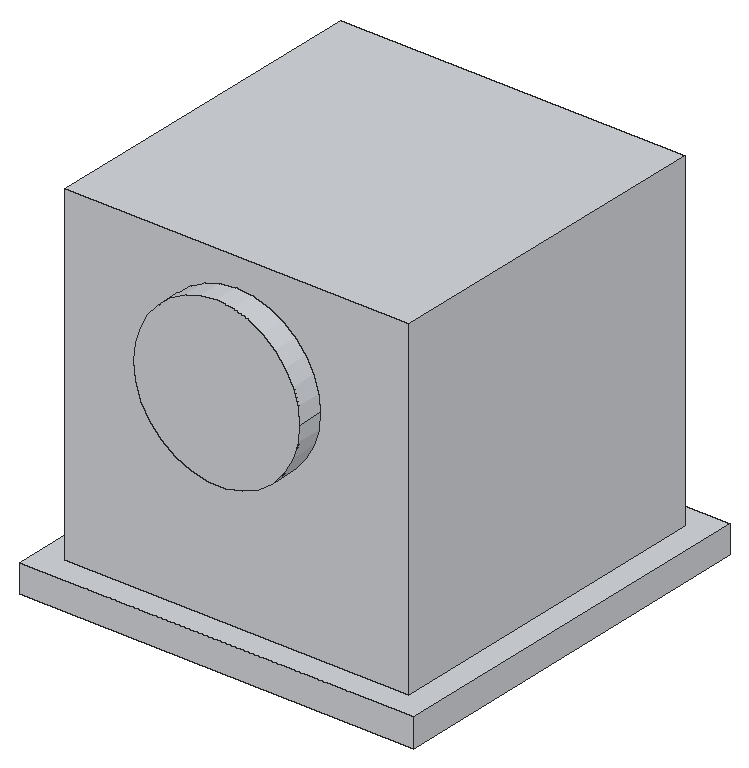
Revit family "M_Exaustor com armário - Conexão redonda - Montada no forro", category Equipamento mecânico, Revit 2019
Family settings
  Cota do conector redondo = Usar raio
  Tipo de parte = Normal
  Número OmniClass = 23.75.35.17.17.11
  Título OmniClass = Ceiling Fans
  ID de item do Seek = Exhauster with Cabinet - Round Connection - Ceiling Mounted-0000-CAN-ENU
  Com base no plano de trabalho = Não
  Sempre na vertical = Sim
  Corte com vazios quando carregada = Não
  Compartilhado = Não
  Ponto de cálculo do ambiente = Não
Parameters (values of type "47-84 LPS")
  Voltagem = 120 V
  Raio do motor do símbolo = Largura do ventilador * 0.35  # 108.85 mm
  Comprimento do símbolo 1 = 0.3 * Raio do motor do símbolo  # 32.655 mm
  Classificação de carga = Refrigeração
  Pressão estática externa [instance] = 0.0 Pa
  Raio do motor de símbolo pequeno = Raio do motor do símbolo - 75 mm  # 33.85 mm
  1/8 da largura do difusor = 0.125 * Largura do difusor  # 44.5 mm
  1/8 do comprimento do difusor = 0.125 * Comprimento do difusor  # 44.5 mm
  Número de pólos = 1
  Largura do ventilador = 311 mm
  Material do ventilador = none
  Comprimento do ventilador = 311 mm
  Altura do ventilador = 300 mm
  Raio do duto = 75 mm
  Diâmetro do duto = Raio do duto * 2  # 150 mm
  Largura do difusor = 356 mm
  Material do difusor = none
  Comprimento do difusor = 356 mm
  Carga aparente [instance] = 100 VA
  Fluxo de ar [instance] = 84.0 L/s
Types (3, lengths in mm): name | Raio do duto | Diâmetro do duto | Carga aparente | Fluxo de ar
  (no name) | 75 | 150 | 100 VA | 84.0 L/s
  47-84 LPS | 75 | 150 | 100 VA | 84.0 L/s
  94-150 LPS | 100 | 200 | 212 VA | 150.0 L/s
Reference planes
  plane 1 "Centro (Frente/Trás)": y = 0
  plane 2: z = 0
  plane 3 "Centro (Esquerda/Direita)": x = 0
  plane 4: z = 300
  plane 5: z = -25.4
  plane 6: z = 274.6
  plane 7: z = 199.6
  plane 8: y = 155.5
  plane 9: y = -155.5
  plane 10: x = 155.5
  plane 11: x = -155.5
  plane 12: x = 178
  plane 13: x = -178
  plane 14: y = 178
  plane 15: y = -178
  plane 16: y = 133.5
  plane 17: y = 89
  plane 18: y = 44.5
  plane 19: y = -133.5
  plane 20: y = -89
  plane 21: y = -44.5
  plane 22: x = 133.5
  plane 23: x = 89
  plane 24: x = 44.5
  plane 25: x = -133.5
  plane 26: x = -89
  plane 27: x = -44.5
  plane 28: y = 108.85
  plane 29: x = 108.85
  plane 30: x = 141.505
Forms (mm)
  Extrusion 1, solid, material <- "Material do difusor"
    sketch origin (0, 0, 0) x (1, 0, 0) y (0, 1, 0)
      loop
        line (-178, 178) -> (-178, -178) -> (178, -178) -> (178, 178) -> (-178, 178)
    from -25.4 to 0
  Extrusion 2, solid, material <- "Material do ventilador"
    sketch origin (0, 0, 0) x (1, 0, 0) y (0, 0, 1)
      loop
        circle (0, 199.6) r 75
    from 155.5 to 178
  Extrusion 3, solid, material <- "Material do ventilador"
    sketch origin (0, 0, 0) x (1, 0, 0) y (0, 1, 0)
      loop
        line (-155.5, 155.5) -> (-155.5, -155.5) -> (155.5, -155.5) -> (155.5, 155.5) -> (-155.5, 155.5)
    from 0 to 300
Lines and regions (mm)
  symbolic lines
    curve 1: line (178, 178, 0) -> (-178, 178, 0)
    curve 2: line (-178, 178, 0) -> (-178, -178, 0)
    curve 3: line (-178, -178, 0) -> (178, -178, 0)
    curve 4: line (178, -178, 0) -> (178, 178, 0)
  symbolic lines, detail levels coarse+medium
    curve 5: line (-133.5, 133.5, 0) -> (133.5, 133.5, 0)
    curve 6: line (-133.5, -133.5, 0) -> (-133.5, 133.5, 0)
    curve 7: line (133.5, -133.5, 0) -> (-133.5, -133.5, 0)
    curve 8: line (133.5, 133.5, 0) -> (133.5, -133.5, 0)
    curve 9: line (-89, 89, 0) -> (89, 89, 0)
    curve 10: line (-89, -89, 0) -> (-89, 89, 0)
    curve 11: line (89, -89, 0) -> (-89, -89, 0)
    curve 12: line (89, 89, 0) -> (89, -89, 0)
    curve 13: line (-44.5, 44.5, 0) -> (44.5, 44.5, 0)
    curve 14: line (-44.5, -44.5, 0) -> (-44.5, 44.5, 0)
    curve 15: line (44.5, -44.5, 0) -> (-44.5, -44.5, 0)
    curve 16: line (44.5, 44.5, 0) -> (44.5, -44.5, 0)
  symbolic lines, detail levels fine
    curve 17: line (-155.5, 155.5, 0) -> (155.5, 155.5, 0)
    curve 18: line (-155.5, -155.5, 0) -> (-155.5, 155.5, 0)
    curve 19: line (155.5, -155.5, 0) -> (-155.5, -155.5, 0)
    curve 20: line (155.5, 155.5, 0) -> (155.5, -155.5, 0)
    curve 21: line (-75, -155.5, 0) -> (75, -155.5, 0)
    curve 22: line (-75, -178, 0) -> (-75, -155.5, 0)
    curve 23: line (75, -155.5, 0) -> (75, -178, 0)
Dimensions and locks
  locked: plane 5 to plane 2 at 25.4
  "Altura do ventilador": plane 4 to plane 2
  locked: plane 4 to plane 6 at 25.4
  "Raio do duto": plane 6 to plane 7
  equal spacing: plane 9, plane 1 "Centro (Frente/Trás)", plane 8
  "Largura do ventilador": plane 9 to plane 8
  equal spacing: plane 11, plane 3 "Centro (Esquerda/Direita)", plane 10
  "Comprimento do ventilador": plane 11 to plane 10
  equal spacing: plane 13, plane 3 "Centro (Esquerda/Direita)", plane 12
  "Comprimento do difusor": plane 13 to plane 12
  equal spacing: plane 15, plane 1 "Centro (Frente/Trás)", plane 14
  "Largura do difusor": plane 15 to plane 14
  "1/8 da largura do difusor": plane 16 to plane 14
  "1/8 da largura do difusor": plane 17 to plane 16
  "1/8 da largura do difusor": plane 18 to plane 17
  "1/8 da largura do difusor": plane 1 "Centro (Frente/Trás)" to plane 18
  "1/8 da largura do difusor": plane 19 to plane 15
  "1/8 da largura do difusor": plane 20 to plane 19
  "1/8 da largura do difusor": plane 21 to plane 20
  "1/8 da largura do difusor": plane 1 "Centro (Frente/Trás)" to plane 21
  "1/8 do comprimento do difusor": plane 13 to plane 25
  "1/8 do comprimento do difusor": plane 25 to plane 26
  "1/8 do comprimento do difusor": plane 26 to plane 27
  "1/8 do comprimento do difusor": plane 27 to plane 3 "Centro (Esquerda/Direita)"
  "1/8 do comprimento do difusor": plane 22 to plane 12
  "1/8 do comprimento do difusor": plane 23 to plane 22
  "1/8 do comprimento do difusor": plane 24 to plane 23
  "1/8 do comprimento do difusor": plane 3 "Centro (Esquerda/Direita)" to plane 24
  "Raio do motor do símbolo": plane 1 "Centro (Frente/Trás)" to plane 28
  "Raio do motor do símbolo": plane 3 "Centro (Esquerda/Direita)" to plane 29
  "Comprimento do símbolo 1": plane 29 to plane 30
  locked: plane 9 to connector elem at 50.8
  locked: Extrusion 1 to connector elem at 50.8
  equal spacing: curve 22, plane 3 "Centro (Esquerda/Direita)", curve 23
  "Diâmetro do duto": curve 22 to curve 23
  "Raio do duto": radius of Extrusion 2 sketch curve
  aligned and locked: plane 13 to Extrusion 1 sketch curve
  aligned and locked: plane 14 to Extrusion 1 sketch curve
  aligned and locked: plane 15 to Extrusion 1 sketch curve
  aligned and locked: Extrusion 1 sketch curve to plane 12
  aligned and locked: plane 3 "Centro (Esquerda/Direita)" to Extrusion 2 sketch curve
  aligned and locked: plane 7 to Extrusion 2 sketch curve
  aligned and locked: Extrusion 1 to plane 5
  aligned and locked: plane 2 to Extrusion 1
  aligned and locked: Extrusion 2 to plane 15
  aligned and locked: plane 9 to Extrusion 2
  aligned and locked: plane 11 to Extrusion 3 sketch curve
  aligned and locked: plane 8 to Extrusion 3 sketch curve
  aligned and locked: plane 9 to Extrusion 3 sketch curve
  aligned and locked: Extrusion 3 sketch curve to plane 10
  aligned and locked: plane 4 to Extrusion 3
  aligned and locked: Extrusion 3 to plane 2
  aligned and locked: curve 1 to Extrusion 1
  aligned and locked: curve 2 to Extrusion 1
  aligned and locked: curve 3 to Extrusion 1
  aligned and locked: curve 4 to Extrusion 1
  aligned and locked: plane 25 to curve 5
  aligned and locked: plane 16 to curve 5
  aligned and locked: plane 19 to curve 8
  aligned and locked: curve 8 to plane 22
  aligned and locked: plane 26 to curve 9
  aligned and locked: plane 17 to curve 9
  aligned and locked: plane 20 to curve 12
  aligned and locked: curve 12 to plane 23
  aligned and locked: plane 27 to curve 13
  aligned and locked: plane 18 to curve 13
  aligned and locked: plane 21 to curve 16
  aligned and locked: curve 16 to plane 24
  aligned and locked: curve 17 to Extrusion 3  (x2)
  aligned and locked: Extrusion 3 to curve 20
  aligned and locked: curve 20 to Extrusion 3
  aligned and locked: curve 21 to Extrusion 2
Automatic sketch dimensions
  Extrusion 3 sketch curve to plane 10 = 0 mm
Connectors
  hvac at (0, -178, 199.6), driven by "Raio do duto", driven by "Fluxo de ar", driven by "Pressão estática externa"
    settings: on Extrusion 2, index 1, duct flow 84.0 L/s, flow factor 0, pres drop 0.0 Pa, loss coef 0, conn angle 0.00°, conn width 304.8 mm, conn height 304.8 mm, conn diameter 150 mm, duct sys type 3, conn prof type 0, flow config 0, flow direction 2, loss method 0, conn ref index -1, conn util no, is conn primary yes, conn desc ""
  electrical at (-155.5, -104.7, 50.8), driven by "Carga aparente", driven by "Voltagem", driven by "Número de pólos", driven by "Classificação de carga"
    settings: on plane 11, index 2, voltage 120 V, apparent load 100 VA, apparent load phase1 0 VA, apparent load phase2 0 VA, apparent load phase3 0 VA, power factor 0.8, load classification "Refrigeração", number of poles 1, system type 30, power factor state 1, is connector primary yes, connector utility no, sub classification motor no, connector description ""
